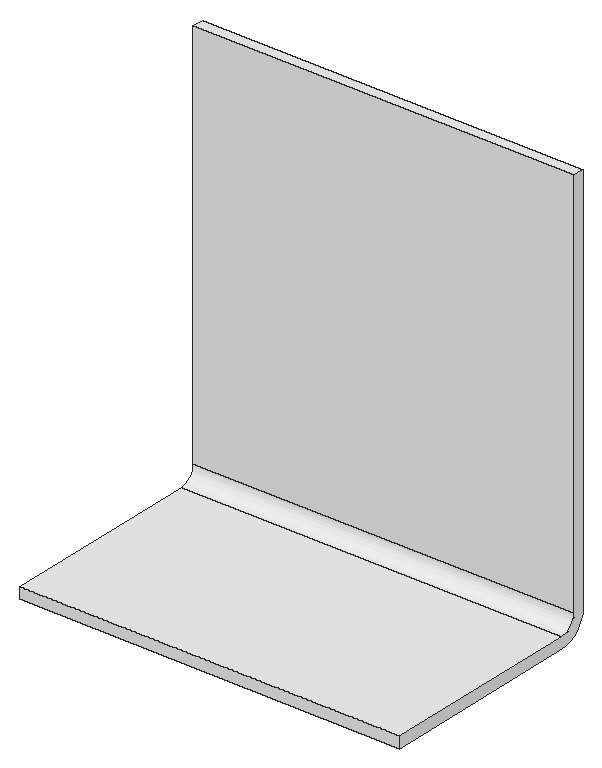
Revit family "JOMA_436", category Structural Connections, host Face, Revit 2012
Parameters (values of type "4360000")
  t = 3.000 mm
  l = 60.000 mm
  h = 110.000 mm
  b = 100.000 mm
  Vikt = "0,36"
  Typ = "VINKEL 436"
  Spikmönster 3 [instance] = no
  Spikmönster 2 [instance] = no
  Spikmönster 1 [instance] = no
  Spik/skruv [instance] = "ANKARSPIK 4,0x40"
  Material = Varmförzinkad stålplåt
  Länk Joma Dimensioneringsverktyg = "http://www.joma.se/dimensioneringsverktyg"
  Default Elevation = 0.000 mm
  Bult (virke) [instance] = "BULT M12"
  Bult (betong) [instance] = "BULT M12"
  Antal spik/skruv i virkesdel B [instance] = if(Spikmönster 1, 1, if(Spikmönster 2, 1, if(Spikmönster 3, 1, 0)))  # 0
  Antal spik/skruv i virkesdel A [instance] = if(Spikmönster 1, 12, if(Spikmönster 2, 6, if(Spikmönster 3, 2, 0)))  # 0
  436 Spikmönster 3 [instance] = and(Spikmönster 3, not(or(Spikmönster 1, Spikmönster 2)))  # no
  436 Spikmönster 2 [instance] = and(Spikmönster 2, not(or(Spikmönster 1, Spikmönster 3)))  # no
  436 Spikmönster 1 [instance] = and(Spikmönster 1, not(or(Spikmönster 2, Spikmönster 3)))  # no
Reference planes
  plane 1 "Center (Front/Back)": y = 0
  plane 2: z = 0
  plane 3 "Center (Left/Right)": x = 0
  plane 4: x = -50
  plane 5: x = 50
  plane 6: y = -60
  plane 7: z = 110
Forms (mm)
  Extrusion 1, solid, material "Varmförzinkad stålplåt" <- "Material"
    sketch origin (0, 0, 0) x (0, 1, 0) y (0, 0, 1)
      loop
        line (0, 110) -> (-3, 110) -> (-3, 6.843)
        arc (-3, 6.843) -> (-4.126, 4.126) -> (-6.843, 3) r 3.843
        line (-6.843, 3) -> (-60, 3) -> (-60, 0) -> (-6.843, 0)
        arc (-6.843, 0) -> (-2.004, 2.004) -> (0, 6.843) r 6.843
        line (0, 6.843) -> (0, 110)
    from -50 to 50
Lines and regions (mm)
  symbolic lines
    curve 1: circle (-40, 0, 100) r 2.5 normal (0, -1, 0)
    curve 2: circle (-24, 0, 100) r 2.5 normal (0, -1, 0)
    curve 3: circle (-8, 0, 100) r 2.5 normal (0, -1, 0)
    curve 4: circle (8, 0, 100) r 2.5 normal (0, -1, 0)
    curve 5: circle (24, 0, 100) r 2.5 normal (0, -1, 0)
    curve 6: circle (40, 0, 100) r 2.5 normal (0, -1, 0)
    curve 7: circle (-40, 0, 80) r 2.5 normal (0, -1, 0)
    curve 8: circle (-24, 0, 84) r 6.5 normal (0, -1, 0)
    curve 9: circle (-8, 0, 80) r 2.5 normal (0, -1, 0)
    curve 10: circle (8, 0, 80) r 2.5 normal (0, -1, 0)
    curve 11: circle (24, 0, 84) r 6.5 normal (0, -1, 0)
    curve 12: circle (40, 0, 80) r 2.5 normal (0, -1, 0)
    curve 13: circle (-40, 0, 60) r 2.5 normal (0, -1, 0)
    curve 14: circle (-24, 0, 60) r 2.5 normal (0, -1, 0)
    curve 15: circle (-8, 0, 60) r 2.5 normal (0, -1, 0)
    curve 16: circle (8, 0, 60) r 2.5 normal (0, -1, 0)
    curve 17: circle (24, 0, 60) r 2.5 normal (0, -1, 0)
    curve 18: circle (40, 0, 60) r 2.5 normal (0, -1, 0)
    curve 19: line (-41.999, 0, 3) -> (-35.623, 0, 34.078)
    curve 20: spline (-24.416, 0, 34.078) -> (-24.967, 0, 37.124) -> (-25.72, 0, 39.802) -> (-26.646, 0, 42.006) -> (-27.706, 0, 43.647) -> (-28.858, 0, 44.659) -> (-30.056, 0, 45.001) -> (-31.252, 0, 44.659) -> (-32.398, 0, 43.647) -> (-33.447, 0, 42.006) -> (-34.357, 0, 39.802) -> (-35.093, 0, 37.124) -> (-35.623, 0, 34.078)
    curve 21: line (-17.999, 0, 3) -> (-24.416, 0, 34.078)
    curve 22: arc (-17.999, 0, 3) -> (-29.999, 0, 8.748) -> (-41.999, 0, 3) r 15.399
    curve 23: arc (42.001, 0, 3) -> (30.001, 0, 8.748) -> (18.001, 0, 3) r 15.399
    curve 24: line (18.001, 0, 3) -> (24.377, 0, 34.078)
    curve 25: spline (35.584, 0, 34.078) -> (35.033, 0, 37.124) -> (34.28, 0, 39.802) -> (33.354, 0, 42.006) -> (32.294, 0, 43.647) -> (31.142, 0, 44.659) -> (29.944, 0, 45.001) -> (28.748, 0, 44.659) -> (27.602, 0, 43.647) -> (26.553, 0, 42.006) -> (25.643, 0, 39.802) -> (24.907, 0, 37.124) -> (24.377, 0, 34.078)
    curve 26: line (42.001, 0, 3) -> (35.584, 0, 34.078)
    curve 27: line (-34.903, -27.931, 0) -> (-41.999, -3, 0)
    curve 28: spline (-25.163, -27.931, 0) -> (-25.781, -29.976, 0) -> (-26.504, -31.724, 0) -> (-27.314, -33.13, 0) -> (-28.191, -34.161, 0) -> (-29.113, -34.789, 0) -> (-30.056, -35.001, 0) -> (-30.999, -34.789, 0) -> (-31.916, -34.161, 0) -> (-32.786, -33.13, 0) -> (-33.587, -31.724, 0) -> (-34.298, -29.976, 0) -> (-34.903, -27.931, 0)
    curve 29: line (-25.163, -27.931, 0) -> (-17.999, -3, 0)
    curve 30: arc (-41.999, -3, 0) -> (-29.999, -8.748, 0) -> (-17.999, -3, 0) r 15.399
    curve 31: line (25.163, -27.931, 0) -> (17.999, -3, 0)
    curve 32: spline (25.163, -27.931, 0) -> (25.781, -29.976, 0) -> (26.504, -31.724, 0) -> (27.314, -33.13, 0) -> (28.191, -34.161, 0) -> (29.113, -34.789, 0) -> (30.056, -35.001, 0) -> (30.999, -34.789, 0) -> (31.916, -34.161, 0) -> (32.786, -33.13, 0) -> (33.587, -31.724, 0) -> (34.298, -29.976, 0) -> (34.903, -27.931, 0)
    curve 33: line (34.903, -27.931, 0) -> (41.999, -3, 0)
    curve 34: arc (17.999, -3, 0) -> (29.999, -8.748, 0) -> (41.999, -3, 0) r 15.399
    curve 35: line (6.75, -17.75, 0) -> (6.75, -29.25, 0)
    curve 36: line (-6.75, -17.75, 0) -> (-6.75, -29.25, 0)
    curve 37: arc (6.75, -17.75, 0) -> (0, -11, 0) -> (-6.75, -17.75, 0) r 6.75
    curve 38: arc (-6.75, -29.25, 0) -> (0, -36, 0) -> (6.75, -29.25, 0) r 6.75
    curve 39: circle (-40, -50, 0) r 2.5 normal (0, 0, 1)
    curve 40: circle (40, -50, 0) r 2.5 normal (0, 0, -1)
    curve 81: line (0, -3, 44.55) -> (0, -8.127, 14.209)
    curve 82: arc (0, -8.127, 14.209) -> (0, -10.018, 10.364) -> (0, -13.706, 8.182) r 7.5
    curve 83: line (0, -13.706, 8.182) -> (0, -35.467, 3)
  symbolic lines, not visible
    curve 41: line (-34.903, -27.931, 0) -> (-41.999, -3, 0)
    curve 42: spline (-25.163, -27.931, 0) -> (-25.781, -29.976, 0) -> (-26.504, -31.724, 0) -> (-27.314, -33.13, 0) -> (-28.191, -34.161, 0) -> (-29.113, -34.789, 0) -> (-30.056, -35.001, 0) -> (-30.999, -34.789, 0) -> (-31.916, -34.161, 0) -> (-32.786, -33.13, 0) -> (-33.587, -31.724, 0) -> (-34.298, -29.976, 0) -> (-34.903, -27.931, 0)
    curve 43: line (-25.163, -27.931, 0) -> (-17.999, -3, 0)
    curve 44: arc (-41.999, -3, 0) -> (-29.999, -8.748, 0) -> (-17.999, -3, 0) r 15.399
    curve 45: line (25.163, -27.931, 0) -> (17.999, -3, 0)
    curve 46: spline (25.163, -27.931, 0) -> (25.781, -29.976, 0) -> (26.504, -31.724, 0) -> (27.314, -33.13, 0) -> (28.191, -34.161, 0) -> (29.113, -34.789, 0) -> (30.056, -35.001, 0) -> (30.999, -34.789, 0) -> (31.916, -34.161, 0) -> (32.786, -33.13, 0) -> (33.587, -31.724, 0) -> (34.298, -29.976, 0) -> (34.903, -27.931, 0)
    curve 47: line (34.903, -27.931, 0) -> (41.999, -3, 0)
    curve 48: arc (17.999, -3, 0) -> (29.999, -8.748, 0) -> (41.999, -3, 0) r 15.399
    curve 49: line (6.75, -17.75, 0) -> (6.75, -29.25, 0)
    curve 50: line (-6.75, -17.75, 0) -> (-6.75, -29.25, 0)
    curve 51: arc (6.75, -17.75, 0) -> (0, -11, 0) -> (-6.75, -17.75, 0) r 6.75
    curve 52: arc (-6.75, -29.25, 0) -> (0, -36, 0) -> (6.75, -29.25, 0) r 6.75
    curve 53: circle (-40, -50, 0) r 2.5 normal (0, 0, 1)
    curve 54: circle (40, -50, 0) r 2.5 normal (0, 0, -1)
    curve 55: circle (-40, 0, 100) r 2.5 normal (0, -1, 0)
    curve 56: circle (-24, 0, 100) r 2.5 normal (0, -1, 0)
    curve 57: circle (-8, 0, 100) r 2.5 normal (0, -1, 0)
    curve 58: circle (8, 0, 100) r 2.5 normal (0, -1, 0)
    curve 59: circle (24, 0, 100) r 2.5 normal (0, -1, 0)
    curve 60: circle (40, 0, 100) r 2.5 normal (0, -1, 0)
    curve 61: circle (-40, 0, 80) r 2.5 normal (0, -1, 0)
    curve 62: circle (-24, 0, 84) r 6.5 normal (0, -1, 0)
    curve 63: circle (-8, 0, 80) r 2.5 normal (0, -1, 0)
    curve 64: circle (8, 0, 80) r 2.5 normal (0, -1, 0)
    curve 65: circle (24, 0, 84) r 6.5 normal (0, -1, 0)
    curve 66: circle (40, 0, 80) r 2.5 normal (0, -1, 0)
    curve 67: circle (-40, 0, 60) r 2.5 normal (0, -1, 0)
    curve 68: circle (-24, 0, 60) r 2.5 normal (0, -1, 0)
    curve 69: circle (-8, 0, 60) r 2.5 normal (0, -1, 0)
    curve 70: circle (8, 0, 60) r 2.5 normal (0, -1, 0)
    curve 71: circle (24, 0, 60) r 2.5 normal (0, -1, 0)
    curve 72: circle (40, 0, 60) r 2.5 normal (0, -1, 0)
    curve 73: line (-41.999, 0, 3) -> (-35.623, 0, 34.078)
    curve 74: spline (-24.416, 0, 34.078) -> (-24.967, 0, 37.124) -> (-25.72, 0, 39.802) -> (-26.646, 0, 42.006) -> (-27.706, 0, 43.647) -> (-28.858, 0, 44.659) -> (-30.056, 0, 45.001) -> (-31.252, 0, 44.659) -> (-32.398, 0, 43.647) -> (-33.447, 0, 42.006) -> (-34.357, 0, 39.802) -> (-35.093, 0, 37.124) -> (-35.623, 0, 34.078)
    curve 75: line (-17.999, 0, 3) -> (-24.416, 0, 34.078)
    curve 76: arc (-17.999, 0, 3) -> (-29.999, 0, 8.748) -> (-41.999, 0, 3) r 15.399
    curve 77: arc (42.001, 0, 3) -> (30.001, 0, 8.748) -> (18.001, 0, 3) r 15.399
    curve 78: line (18.001, 0, 3) -> (24.377, 0, 34.078)
    curve 79: spline (35.584, 0, 34.078) -> (35.033, 0, 37.124) -> (34.28, 0, 39.802) -> (33.354, 0, 42.006) -> (32.294, 0, 43.647) -> (31.142, 0, 44.659) -> (29.944, 0, 45.001) -> (28.748, 0, 44.659) -> (27.602, 0, 43.647) -> (26.553, 0, 42.006) -> (25.643, 0, 39.802) -> (24.907, 0, 37.124) -> (24.377, 0, 34.078)
    curve 80: line (42.001, 0, 3) -> (35.584, 0, 34.078)
    curve 84: line (0, -3, 44.55) -> (0, -8.127, 14.209)
    curve 85: arc (0, -8.127, 14.209) -> (0, -10.018, 10.364) -> (0, -13.706, 8.182) r 7.5
    curve 86: line (0, -13.706, 8.182) -> (0, -35.467, 3)
Text (mm)
  text "Virkesdel" at (253.363, 0, 110.945), in view "Front"
  text "Betong" at (202.553, -0.872, 0), in view "Ref. Level"
Dimensions and locks
  "b": plane 5 to plane 4
  "l": plane 1 "Center (Front/Back)" to plane 6
  "h": plane 7 to host face
  equal spacing: plane 5, plane 3 "Center (Left/Right)", plane 4
  "t": plane 1 "Center (Front/Back)" to Extrusion 1
  "t": Extrusion 1 to host face
  aligned and locked: plane 2 to host face
  aligned and locked: level to host face
  aligned and locked: plane 5 to Extrusion 1
  aligned and locked: Extrusion 1 to plane 4
  aligned and locked: Extrusion 1 to plane 6
  aligned and locked: plane 7 to Extrusion 1
Automatic sketch dimensions
  host sketch curve to host sketch curve = 2438.400 mm  (x2)
  Extrusion 1 sketch curve to plane 6 = 0.000 mm
  Extrusion 1 sketch curve to level = 0.000 mm
  Extrusion 1 sketch curve to plane 7 = 0.000 mm
  plane 1 "Center (Front/Back)" to Extrusion 1 sketch curve = 6.843 mm
  Extrusion 1 sketch curve to Extrusion 1 sketch curve = 0.000 mm
  plane 1 "Center (Front/Back)" to Extrusion 1 sketch curve = 3.000 mm
  Extrusion 1 sketch curve to plane 1 "Center (Front/Back)" = 0.000 mm
  level to Extrusion 1 sketch curve = 3.000 mm
Nested families
  nested 1: "Spikmönster" at (0, -25, 0), visible <- "436 Spikmönster 1", type "Ø13"
  nested 2: "Spikmönster" at (0, -25, 0), visible <- "436 Spikmönster 2", type "Ø13"
  nested 3: "Spikmönster" at (0, -25, 0), visible <- "436 Spikmönster 3", type "Ø13"
  nested 4: "Spikmönster" at (0, -25, 0), visible <- "436 Spikmönster 1", type "Ø13", not visible
  nested 5: "Spikmönster" at (0, -25, 0), visible <- "436 Spikmönster 2", type "Ø13", not visible
  nested 6: "Spikmönster" at (0, -25, 0), visible <- "436 Spikmönster 3", type "Ø13", not visible
  nested 7: "Spikmönster" at (-40, 0, 100) x (1, 0, 0) z (0, -1, 0), visible <- "436 Spikmönster 1", type "Ø5"
  nested 8: "Spikmönster" at (-40, 0, 60) x (1, 0, 0) z (0, -1, 0), visible <- "436 Spikmönster 1", type "Ø5"
  nested 9: "Spikmönster" at (-24, 0, 100) x (1, 0, 0) z (0, -1, 0), visible <- "436 Spikmönster 1", type "Ø5"
  nested 10: "Spikmönster" at (-24, 0, 60) x (1, 0, 0) z (0, -1, 0), visible <- "436 Spikmönster 1", type "Ø5"
  nested 11: "Spikmönster" at (-8, 0, 100) x (1, 0, 0) z (0, -1, 0), visible <- "436 Spikmönster 1", type "Ø5"
  nested 12: "Spikmönster" at (-8, 0, 60) x (1, 0, 0) z (0, -1, 0), visible <- "436 Spikmönster 1", type "Ø5"
  nested 13: "Spikmönster" at (8, 0, 100) x (1, 0, 0) z (0, -1, 0), visible <- "436 Spikmönster 1", type "Ø5"
  nested 14: "Spikmönster" at (8, 0, 60) x (1, 0, 0) z (0, -1, 0), visible <- "436 Spikmönster 1", type "Ø5"
  nested 15: "Spikmönster" at (24, 0, 100) x (1, 0, 0) z (0, -1, 0), visible <- "436 Spikmönster 1", type "Ø5"
  nested 16: "Spikmönster" at (24, 0, 60) x (1, 0, 0) z (0, -1, 0), visible <- "436 Spikmönster 1", type "Ø5"
  nested 17: "Spikmönster" at (40, 0, 100) x (1, 0, 0) z (0, -1, 0), visible <- "436 Spikmönster 1", type "Ø5"
  nested 18: "Spikmönster" at (40, 0, 60) x (1, 0, 0) z (0, -1, 0), visible <- "436 Spikmönster 1", type "Ø5"
  nested 19: "Spikmönster" at (-40, 0, 60) x (1, 0, 0) z (0, -1, 0), visible <- "436 Spikmönster 2", type "Ø5"
  nested 20: "Spikmönster" at (-8, 0, 60) x (1, 0, 0) z (0, -1, 0), visible <- "436 Spikmönster 2", type "Ø5"
  nested 21: "Spikmönster" at (24, 0, 60) x (1, 0, 0) z (0, -1, 0), visible <- "436 Spikmönster 2", type "Ø5"
  nested 22: "Spikmönster" at (40, 0, 100) x (1, 0, 0) z (0, -1, 0), visible <- "436 Spikmönster 2", type "Ø5"
  nested 23: "Spikmönster" at (8, 0, 100) x (1, 0, 0) z (0, -1, 0), visible <- "436 Spikmönster 2", type "Ø5"
  nested 24: "Spikmönster" at (-24, 0, 100) x (1, 0, 0) z (0, -1, 0), visible <- "436 Spikmönster 2", type "Ø5"
  nested 25: "Spikmönster" at (-24, 0, 84) x (1, 0, 0) z (0, -1, 0), visible <- "436 Spikmönster 3", type "Ø13"
  nested 26: "Spikmönster" at (24, 0, 84) x (1, 0, 0) z (0, -1, 0), visible <- "436 Spikmönster 3", type "Ø13"
  nested 27: "Spikmönster" at (-40, 0, 100) x (1, 0, 0) z (0, -1, 0), visible <- "436 Spikmönster 1", type "Ø5", not visible
  nested 28: "Spikmönster" at (-40, 0, 60) x (1, 0, 0) z (0, -1, 0), visible <- "436 Spikmönster 1", type "Ø5", not visible
  nested 29: "Spikmönster" at (-24, 0, 100) x (1, 0, 0) z (0, -1, 0), visible <- "436 Spikmönster 1", type "Ø5", not visible
  nested 30: "Spikmönster" at (-24, 0, 60) x (1, 0, 0) z (0, -1, 0), visible <- "436 Spikmönster 1", type "Ø5", not visible
  nested 31: "Spikmönster" at (-8, 0, 100) x (1, 0, 0) z (0, -1, 0), visible <- "436 Spikmönster 1", type "Ø5", not visible
  nested 32: "Spikmönster" at (-8, 0, 60) x (1, 0, 0) z (0, -1, 0), visible <- "436 Spikmönster 1", type "Ø5", not visible
  nested 33: "Spikmönster" at (8, 0, 100) x (1, 0, 0) z (0, -1, 0), visible <- "436 Spikmönster 1", type "Ø5", not visible
  nested 34: "Spikmönster" at (8, 0, 60) x (1, 0, 0) z (0, -1, 0), visible <- "436 Spikmönster 1", type "Ø5", not visible
  nested 35: "Spikmönster" at (24, 0, 100) x (1, 0, 0) z (0, -1, 0), visible <- "436 Spikmönster 1", type "Ø5", not visible
  nested 36: "Spikmönster" at (24, 0, 60) x (1, 0, 0) z (0, -1, 0), visible <- "436 Spikmönster 1", type "Ø5", not visible
  nested 37: "Spikmönster" at (40, 0, 100) x (1, 0, 0) z (0, -1, 0), visible <- "436 Spikmönster 1", type "Ø5", not visible
  nested 38: "Spikmönster" at (40, 0, 60) x (1, 0, 0) z (0, -1, 0), visible <- "436 Spikmönster 1", type "Ø5", not visible
  nested 39: "Spikmönster" at (-40, 0, 60) x (1, 0, 0) z (0, -1, 0), visible <- "436 Spikmönster 2", type "Ø5", not visible
  nested 40: "Spikmönster" at (-8, 0, 60) x (1, 0, 0) z (0, -1, 0), visible <- "436 Spikmönster 2", type "Ø5", not visible
  nested 41: "Spikmönster" at (24, 0, 60) x (1, 0, 0) z (0, -1, 0), visible <- "436 Spikmönster 2", type "Ø5", not visible
  nested 42: "Spikmönster" at (40, 0, 100) x (1, 0, 0) z (0, -1, 0), visible <- "436 Spikmönster 2", type "Ø5", not visible
  nested 43: "Spikmönster" at (8, 0, 100) x (1, 0, 0) z (0, -1, 0), visible <- "436 Spikmönster 2", type "Ø5", not visible
  nested 44: "Spikmönster" at (-24, 0, 100) x (1, 0, 0) z (0, -1, 0), visible <- "436 Spikmönster 2", type "Ø5", not visible
  nested 45: "Spikmönster" at (-24, 0, 84) x (1, 0, 0) z (0, -1, 0), visible <- "436 Spikmönster 3", type "Ø13", not visible
  nested 46: "Spikmönster" at (24, 0, 84) x (1, 0, 0) z (0, -1, 0), visible <- "436 Spikmönster 3", type "Ø13", not visible
Definition of nested family "Spikmönster"
  Parameters (values of type "Ø11")
    Radie = 5.500 mm
  Types (3, lengths in mm): name | Radie
    (no name) | 5.500
    Ø5 | 2.500
    Ø11 | 5.500
  Reference planes
    plane 1 "Center (Front/Back)": y = 0
    plane 2: z = 0
    plane 3 "Center (Left/Right)": x = 0
  Lines and regions (mm)
    Filled region 1, type "Solid Fill - Black", in view "Ref. Level"
      outline origin (0, 0, 0) x (1, 0, 0) y (0, 1, 0)
        loop
          circle (0, 0) r 5.5
  Dimensions and locks
    "Radie": radius of Filled region 1 sketch curve
  Automatic sketch dimensions
    plane 1 "Center (Front/Back)" to Filled region 1 sketch curve = 0.000 mm
    Filled region 1 sketch curve to plane 3 "Center (Left/Right)" = 0.000 mm
